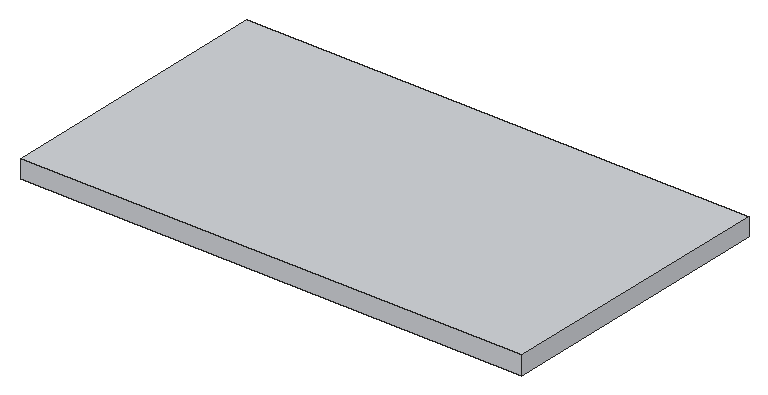
Revit family "0af227bca1b245f1819b16e65dc8e061", category Communication Devices, host Face, Revit 2021
Family settings
  Host = Face
  Maintain Annotation Orientation = Yes
  Round Connector Dimension = Use Diameter
  Part Type = Normal
  OmniClass Number = 23.85.10.11.11
  OmniClass Title = Sound and Signal Devices
  Seek Item ID = Speaker - Clock-0000-USA-ENU
  Cut with Voids When Loaded = No
  Shared = No
  Room Calculation Point = No
Parameters (values of type "Standard")
  Width = 2' - 3 1/2"
  Material = none
  Height = 1' - 3 1/2"
  Depth = 0' - 1"
  Default Elevation = 4' - 0"
Reference planes (in)
  plane 1 "Center (Front/Back)": y = 0
  plane 2: z = 0
  plane 3 "Center (Left/Right)": x = 0
  plane 4: z = 1
  plane 5: x = -13.75
  plane 6: x = 13.75
  plane 7: y = -15.5
Forms (in)
  Extrusion 1, solid, material <- "Material"
    sketch origin (0.19097, 0, 0) x (1, 0, 0) y (0, 1, 0)
      loop
        line (-13.94097, 0) -> (-13.94097, -15.5) -> (13.55903, -15.5) -> (13.55903, 0) -> (-13.94097, 0)
    from 0 to 1
Lines and regions (in)
  symbolic lines, detail levels fine
    curve 1: line (-13.75, 0, 1) -> (-13.75, 0, 0)
    curve 2: line (13.75, 0, 1) -> (-13.75, 0, 1)
    curve 3: line (13.75, 0, 0) -> (13.75, 0, 1)
    curve 4: line (-13.75, 0, 0) -> (13.75, 0, 0)
Dimensions and locks (in)
  "Depth": plane 4 to plane 2
  equal spacing: plane 5, plane 3 "Center (Left/Right)", plane 6
  "Width": plane 5 to plane 6
  "Height": plane 7 to plane 1 "Center (Front/Back)"
  aligned and locked: plane 2 to host face
  aligned and locked: level to host face
  aligned and locked: plane 1 "Center (Front/Back)" to Extrusion 1 sketch curve
  aligned and locked: plane 4 to Extrusion 1
  aligned and locked: Extrusion 1 to plane 5
  aligned and locked: plane 6 to Extrusion 1
  aligned and locked: Extrusion 1 to plane 7
  aligned and locked: curve 1 to Extrusion 1
  aligned and locked: curve 2 to Extrusion 1
  aligned and locked: curve 3 to Extrusion 1
  aligned and locked: curve 4 to Extrusion 1
  aligned and locked: plane 1 "Center (Front/Back)" to nested 1
  aligned and locked: plane 3 "Center (Left/Right)" to nested 1
Automatic sketch dimensions
  host sketch curve to host sketch curve = 8' - 0"  (x2)
  Extrusion 1 sketch curve to plane 3 "Center (Left/Right)" = 1' - 1 3/4"
  plane 3 "Center (Left/Right)" to Extrusion 1 sketch curve = 1' - 1 3/4"
  plane 1 "Center (Front/Back)" to Extrusion 1 sketch curve = 1' - 3 1/2"
Nested families (in)
  nested 1: "Speaker - Clock Annotation" at (0, 0, 0), type "Speaker - Clock Annotation", detail levels coarse+medium
Connectors (in)
  electrical at (0, 0, 0.5)
    settings: on Extrusion 1, index 1, voltage 0 V, apparent load 0 VA, apparent load phase1 0 VA, apparent load phase2 0 VA, apparent load phase3 0 VA, power factor 1, load classification "Other", number of poles 1, system type 14, power factor state 1, is connector primary yes, connector utility no, sub classification motor no, connector description ""
Definition of nested family "Speaker - Clock Annotation"
  Parameters
    Label Annotation = ""
  Reference planes (in)
    plane 1: y = 0
    plane 2: x = 0
  Lines and regions (in)
    Filled region 1, type "Filled region 1"
      outline origin (0, 0, 0) x (1, 0, 0) y (0, 1, 0)
        loop
          line (0, 0.04688) -> (0, 0) -> (0.0625, 0) -> (0.0625, 0.04688) -> (0, 0.04688)
    reference lines
      curve 1: line (-0.0625, 0.2277, 0) -> (-0.0625, -0.28638, 0)
      curve 2: line (0.0625, 0.29601, 0) -> (0.0625, -0.28638, 0)
      curve 3: line (-0.2699, 0.04688, 0) -> (0.35142, 0.04688, 0)
      curve 4: line (-0.37147, 0, 0) -> (0.37853, 0, 0)
    detail lines
      curve 5: line (-0.0625, 0.04688, 0) -> (0.0625, 0.04688, 0)
      curve 6: line (-0.0625, 0, 0) -> (-0.0625, 0.04688, 0)
      curve 7: line (0.0625, 0, 0) -> (-0.0625, 0, 0)
      curve 8: line (0.0625, 0.04688, 0) -> (0.0625, 0, 0)
  Dimensions and locks (in)
    locked: curve 1 to plane 2 at 0.0625
    locked: plane 2 to curve 2 at 0.0625
    locked: curve 4 to curve 3 at 0.04687
    locked: curve 4 to plane 1
    aligned and locked: curve 3 to curve 5
    aligned and locked: curve 6 to curve 1
    aligned and locked: curve 7 to curve 4
    aligned and locked: curve 2 to curve 8
    aligned and locked: plane 2 to Filled region 1 sketch curve
    aligned and locked: Filled region 1 sketch curve to curve 4
    aligned and locked: curve 3 to Filled region 1 sketch curve
    aligned and locked: curve 2 to Filled region 1 sketch curve
